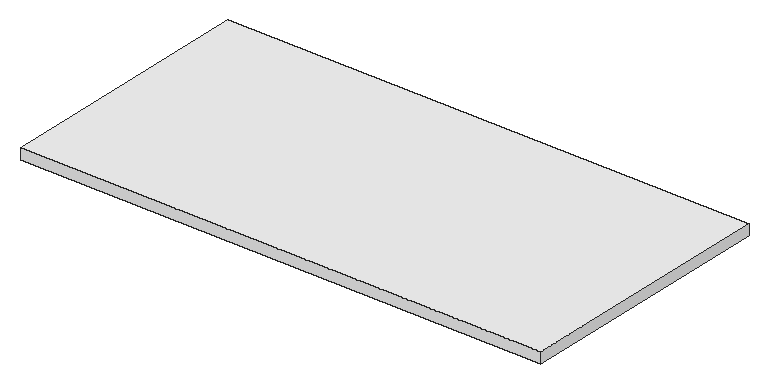
Revit family "Fabrisorb Panels - Square", category Specialty Equipment, Revit 2023
Family settings
  Round Connector Dimension = Use Diameter
  Part Type = Normal
  OmniClass Number = 23.35.00.00
  OmniClass Title = Covering, Cladding, and Finishes
  Work Plane-Based = Yes
  Enable Cutting in Views = Yes
  Always vertical = No
  Cut with Voids When Loaded = No
  Maintain Annotation Orientation = No
  Shared = No
  Room Calculation Point = No
Parameters (values of type "2 INCH THICK - 48X96")
  URL = "https://www.acousticalsurfaces.com/fabric_panel/fabric-wrapped-wall-panels.html"
  Type Comments = "Fabric Wrapped Acoustical Panels"
  Thickness = 0' - 2"
  Recycled Content Percentage = "0%"
  Model = "Fabrisorb Absorptive Fabric Wrapped Acoustical Panels"
  Material = "Fabrisorb"
  Manufacturer = "Acoustical Surfaces, Inc."
  Fire Rating = "ASTM E84 - Class A"
  Finish = Guilford of Maine Anchorage or FR701 Acoustic Fabric
  Description = "Fabric Wrapped Acoustical Panels"
  Default Elevation = 4' - 0"
  Width = 4' - 0"
  Length = 8' - 0"
  Assembly Code = "C30"
  Acoustics - NRC = "Sound absorption varies from NRC 0.45 to 0.95 based on installation method used when tested per ASTM C423."
  A = Thickness / 2  # 0' - 1"
Types (6): name | Thickness | Width | Length | A
  2 INCH THICK - 48X96 | 0' - 2" | 4' - 0" | 8' - 0" | 0' - 1"
  2 INCH THICK - 24X48 | 0' - 2" | 2' - 0" | 4' - 0" | 0' - 1"
  2 INCH THICK - 24X24 | 0' - 2" | 2' - 0" | 2' - 0" | 0' - 1"
  1 INCH THICK - 48X96 | 0' - 1" | 4' - 0" | 8' - 0" | 0' - 0 1/2"
  1 INCH THICK - 24X48 | 0' - 1" | 2' - 0" | 4' - 0" | 0' - 0 1/2"
  1 INCH THICK - 24X24 | 0' - 1" | 2' - 0" | 2' - 0" | 0' - 0 1/2"
Reference planes (in)
  plane 1 "Center (Front/Back)": y = 0
  plane 2: z = 0
  plane 3 "Center (Left/Right)": x = 0
  plane 4: x = -48
  plane 5: x = 48
  plane 6: y = 24
  plane 7: y = -24
  plane 8: z = 2
Forms (in)
  Extrusion 1, solid, material "Guilford of Maine Anchorage or FR701 Acoustic Fabric" <- "Finish"
    sketch origin (0, 0, 0) x (1, 0, 0) y (0, 1, 0)
      loop
        line (48, 24) -> (-48, 24) -> (-48, -24) -> (48, -24) -> (48, 24)
    from 0 to 2
Dimensions and locks (in)
  equal spacing: plane 4, plane 3 "Center (Left/Right)", plane 5
  equal spacing: plane 7, plane 1 "Center (Front/Back)", plane 6
  "Width": plane 7 to plane 6
  "Length": plane 4 to plane 5
  "Thickness": plane 8 to level
  aligned and locked: level to plane 2
  aligned and locked: Extrusion 1 sketch curve to plane 4
  aligned and locked: plane 5 to Extrusion 1 sketch curve
  aligned and locked: Extrusion 1 sketch curve to plane 6
  aligned and locked: Extrusion 1 sketch curve to plane 7
  aligned and locked: Extrusion 1 to plane 8
